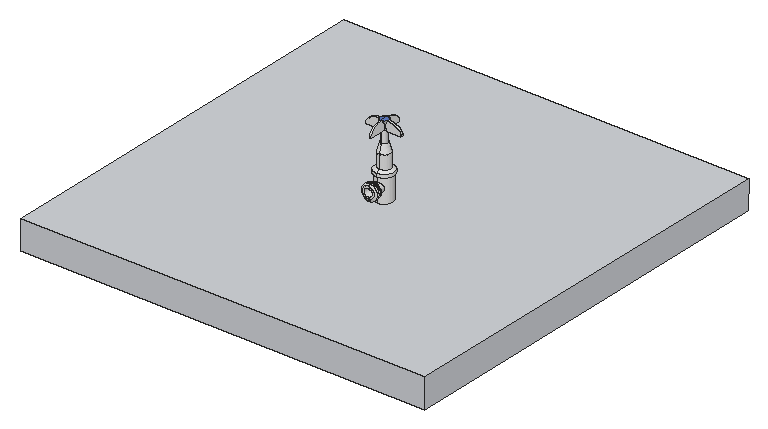
Revit family
Parameters (values of type "49845 (Cold Water, Ceramic Disc)")
  Hot&ColdMaterial = Plastic_Taps_Blue_10800
  URL = "www.galvinengineering.com.au"
  Type Comments = "Vendal Resistant"
  StyleOrType_ANZRS = "Plumbing Fixture"
  Seating = "1/2 Turn Ceramic Disc"
  PlumbingMaterial_ANZRS = Metal_Taps_DR-Brass-with-Chrome-Finish_10800
  Outlet = "15mm BSP"
  ModifiedIssue_ANZRS = 20120629.01  # constant formula
  Model = "49845"
  Manufacturer = "Galvin Engineering"
  Keynote = "15400"
  Instructions = "http://www.galvinengineering.com.au/Installation_Guides_1.aspx"
  Inlet = "15mm BSP"
  FlowRate = 0.15 L/s
  FilterObject_ANZRS = "Vendal Resistant"
  DimTop = 60 mm  # constant formula
  DimOutletRadius = 7.5 mm  # constant formula
  DimInletRadius = 7.5 mm  # constant formula
  DimDepth = 125 mm  # constant formula
  Description = "Vandal Resistant Cistern Tap - Cold Water, Ceramic Disc"
  Default Elevation = 900 mm
  CreatedBy_ANZRS = "Galvin Engineering"  # constant formula
  CreatedByURL_ANZRS = "www.galvinengineering.com.au"
  CreatedByPhoneNo_ANZRS = "61-8-92495900"  # constant formula
  Assembly Code = "D2010"
Types (3, lengths in mm): name | Seating | Model | Description
  (no name) | "1/2 Turn Ceramic Disc" | "49845" | "Vandal Resistant Cistern Tap - Cold Water, Ceramic Disc"
  49953 (Cold Water, Jumper Valve) | "Jumper Valve" | "49953" | "Vandal Resistant Cistern Tap - Cold Water, Jumper Valve"
  49845 (Cold Water, Ceramic Disc) | "1/2 Turn Ceramic Disc" | "49845" | "Vandal Resistant Cistern Tap - Cold Water, Ceramic Disc"
Reference planes
  plane 1 "Center (Front/Back)": y = 0
  plane 2 "Face": z = 0
  plane 3 "Center (Left/Right)": x = 0
  plane 4 "Top1": y = 30
  plane 5: y = -30
  plane 6 "Depth": z = 125
Forms (mm)
  Extrusion 1, solid
    sketch origin (0, -719.2, 0) x (1, 0, 0) y (0, 1, 0)
      loop
        line (-350, 1069.2) -> (-350, 369.2) -> (350, 369.2) -> (350, 1069.2) -> (-350, 1069.2)
    from 0 to -50
  Revolve 2, solid, material "Metal_Taps_DR-Brass-with-Chrome-Finish_10800" <- "PlumbingMaterial_ANZRS"
    sketch origin (0, 28.582, -7.663) x (0, 0.569708, 0.821847) y (0, -0.821847, 0.569708)
      loop
        line (91.853, 98.45) -> (87.633, 104.538)
        arc (87.633, 104.538) -> (86.516, 99.604) -> (83.19, 95.792) r 10.333
        line (83.19, 95.792) -> (76.632, 91.246) -> (75.493, 92.889) -> (59.449, 81.767) -> (58.633, 82.933) -> (44.519, 78.718) -> (25.616, 65.615) -> (18.663, 67.791) -> (14.944, 65.213) -> (16.083, 63.57) -> (-18.246, 39.772) -> (-9.985, 27.856) -> (91.853, 98.45)
      axis (-9.985, 27.856) -> (91.853, 98.45)
    angle from 0 to 360
  Extrusion 3, solid, material "Metal_Taps_DR-Brass-with-Chrome-Finish_10800" <- "PlumbingMaterial_ANZRS"
    sketch origin (0, 28.582, 0.133) x (0, 0.569708, 0.821847) y (0, -0.821847, 0.569708)
      loop
        line (55.27, 108.377) -> (88.313, 60.71)
        arc (88.313, 60.71) -> (88.957, 60.296) -> (89.705, 60.458) r 1
        line (89.705, 60.458) -> (91.349, 61.598)
        spline (91.349, 61.598) -> (92.501, 62.646) -> (93.435, 63.976) -> (94.139, 65.57) -> (94.606, 67.41) -> (94.829, 69.473) -> (94.806, 71.735) -> (94.537, 74.169) -> (94.026, 76.746) -> (93.278, 79.435) -> (92.303, 82.203) -> (91.111, 85.018) -> (89.719, 87.845)
        line (89.719, 87.845) -> (81.173, 100.173)
        spline (81.173, 100.173) -> (79.014, 102.469) -> (76.796, 104.572) -> (74.546, 106.457) -> (72.291, 108.1) -> (70.057, 109.483) -> (67.872, 110.589) -> (65.762, 111.404) -> (63.751, 111.919) -> (61.865, 112.128) -> (60.125, 112.027) -> (58.552, 111.619) -> (57.166, 110.908)
        line (57.166, 110.908) -> (55.522, 109.769)
        arc (55.522, 109.769) -> (55.108, 109.125) -> (55.27, 108.377) r 1
    from -1.5 to 1.5
  Revolve 4, solid, material "Plastic_Taps_Blue_10800" <- "Hot&ColdMaterial"
    sketch origin (0, 28.582, 2.337) x (0, 0.569708, 0.821847) y (0, -0.821847, 0.569708)
      loop
        line (83.634, 92.753) -> (84.527, 93.372)
        spline (84.527, 93.372) -> (84.055, 94.037) -> (83.575, 94.68) -> (83.097, 95.291) -> (82.627, 95.857) -> (82.175, 96.371) -> (81.748, 96.823) -> (81.353, 97.205) -> (80.997, 97.511) -> (80.686, 97.736) -> (80.426, 97.875) -> (80.221, 97.927) -> (80.074, 97.89)
        line (80.074, 97.89) -> (83.634, 92.753)
      axis (83.634, 92.753) -> (84.527, 93.372)
    angle from 0 to 360
  Extrusion 5, solid, material "Metal_Taps_DR-Brass-with-Chrome-Finish_10800" <- "PlumbingMaterial_ANZRS"
    sketch origin (0, 0, 10) x (1, 0, 0) y (0, 0, 1)
      loop
        arc (29, 97.3) -> (29.707, 97.593) -> (30, 98.3) r 1
        line (30, 98.3) -> (30, 100.3)
        spline (30, 100.3) -> (29.794, 101.844) -> (29.234, 103.369) -> (28.325, 104.856) -> (27.079, 106.288) -> (25.51, 107.647) -> (23.638, 108.917) -> (21.485, 110.083) -> (19.076, 111.13) -> (16.44, 112.047) -> (13.609, 112.823) -> (10.617, 113.447) -> (7.5, 113.914)
        line (7.5, 113.914) -> (-7.5, 113.914)
        spline (-7.5, 113.914) -> (-10.617, 113.447) -> (-13.609, 112.823) -> (-16.44, 112.047) -> (-19.076, 111.13) -> (-21.485, 110.083) -> (-23.638, 108.917) -> (-25.51, 107.647) -> (-27.079, 106.288) -> (-28.325, 104.856) -> (-29.234, 103.369) -> (-29.794, 101.844) -> (-30, 100.3)
        line (-30, 100.3) -> (-30, 98.3)
        arc (-30, 98.3) -> (-29.707, 97.593) -> (-29, 97.3) r 1
        line (-29, 97.3) -> (29, 97.3)
    from -1.5 to 1.5
  Revolve 6, solid, material "Metal_Taps_DR-Brass-with-Chrome-Finish_10800" <- "PlumbingMaterial_ANZRS"
    sketch origin (0, -94.089, 146.461) x (0, -0.821847, 0.569708) y (0, -0.569708, -0.821847)
      loop
        line (-151.21, 52.979) -> (-123.431, 72.235) -> (-125.304, 74.936) -> (-128.475, 76.606) -> (-128.083, 73.511) -> (-130.844, 74.965) -> (-130.451, 71.869) -> (-133.212, 73.323) -> (-132.819, 70.227) -> (-134.989, 71.355) -> (-134.073, 70.034)
        arc (-134.073, 70.034) -> (-133.668, 68.164) -> (-134.704, 66.555) r 2.5
        line (-134.704, 66.555) -> (-152.209, 54.421) -> (-151.21, 52.979)
      axis (-147.222, 47.226) -> (-119.443, 66.482)
    angle from 0 to 360
Cuts and joins
  joined: Revolve 2, Revolve 6
Dimensions and locks
  "DimTop": plane 5 to plane 4 "Top1"
  "DimDepth": plane 6 "Depth" to plane 2 "Face"
  aligned and locked: plane 2 "Face" to Extrusion 1
  aligned and locked: level to Extrusion 1
  aligned and locked: plane 1 "Center (Front/Back)" to Revolve 2 sketch curve
  aligned and locked: Revolve 2 sketch curve to plane 1 "Center (Front/Back)"
Automatic sketch dimensions
  Extrusion 1 sketch curve to Extrusion 1 sketch curve = 700 mm  (x2)
  Revolve 2 sketch curve to level = 0 mm
  Revolve 2 sketch curve to Revolve 2 sketch curve = 8.261 mm
  Revolve 2 sketch curve to Revolve 2 sketch curve = 33.19 mm
  Revolve 2 sketch curve to Revolve 2 sketch curve = 1.139 mm  (x2)
  Revolve 2 sketch curve to Revolve 2 sketch curve = 3.719 mm
  Revolve 2 sketch curve to Revolve 2 sketch curve = 6.954 mm
  Revolve 2 sketch curve to Revolve 2 sketch curve = 8.927 mm
  Revolve 2 sketch curve to Revolve 2 sketch curve = 9.976 mm
  Revolve 2 sketch curve to Revolve 2 sketch curve = 14.114 mm
  Revolve 2 sketch curve to Revolve 2 sketch curve = 0.816 mm
  Revolve 2 sketch curve to Revolve 2 sketch curve = 16.044 mm
  Revolve 2 sketch curve to Revolve 2 sketch curve = 1.811 mm
  Revolve 2 sketch curve to Revolve 2 sketch curve = 6.558 mm
  Revolve 2 sketch curve to Revolve 2 sketch curve = 4.443 mm
  Revolve 2 sketch curve to Revolve 2 sketch curve = 4.22 mm
  Revolve 2 sketch curve to Revolve 2 sketch curve = 1.511 mm
  Revolve 2 sketch curve to Revolve 2 sketch curve = 2.176 mm
  Revolve 2 sketch curve to Revolve 2 sketch curve = 19.996 mm
  Revolve 2 sketch curve to Revolve 2 sketch curve = 3.049 mm
  Revolve 2 sketch curve to Revolve 2 sketch curve = 1.166 mm
  Revolve 2 sketch curve to Revolve 2 sketch curve = 9.478 mm
  Extrusion 3 sketch curve to plane 4 "Top1" = 0 mm  (x2)
  plane 5 to Extrusion 3 sketch curve = 1 mm
  Extrusion 3 sketch curve to Extrusion 3 sketch curve = 0.252 mm  (x2)
  Extrusion 3 sketch curve to Extrusion 3 sketch curve = 0.57 mm  (x3)
  Extrusion 3 sketch curve to Extrusion 3 sketch curve = 1.644 mm
  Extrusion 3 sketch curve to Extrusion 3 sketch curve = 18.014 mm
  Extrusion 3 sketch curve to Extrusion 3 sketch curve = 0.168 mm
  Extrusion 3 sketch curve to Extrusion 3 sketch curve = 7.066 mm
  Extrusion 3 sketch curve to Extrusion 3 sketch curve = 14.039 mm
  Extrusion 3 sketch curve to Extrusion 3 sketch curve = 0.822 mm
  Extrusion 3 sketch curve to Extrusion 3 sketch curve = 8.546 mm
  Extrusion 3 sketch curve to Extrusion 3 sketch curve = 1.447 mm
  Extrusion 3 sketch curve to Extrusion 3 sketch curve = 0.094 mm
  Extrusion 3 sketch curve to Extrusion 3 sketch curve = 0.103 mm
  Extrusion 3 sketch curve to Extrusion 3 sketch curve = 0.073 mm
  Extrusion 3 sketch curve to Extrusion 3 sketch curve = 0.221 mm
  Extrusion 3 sketch curve to Extrusion 3 sketch curve = 12.328 mm
  Revolve 4 sketch curve to plane 1 "Center (Front/Back)" = 0 mm  (x4)
  Revolve 4 sketch curve to Revolve 4 sketch curve = 1.28 mm
  Revolve 4 sketch curve to Revolve 4 sketch curve = 4.841 mm
  Revolve 4 sketch curve to Revolve 4 sketch curve = 0.893 mm
  Revolve 4 sketch curve to Revolve 4 sketch curve = 5.529 mm
  level to Extrusion 3 sketch curve = 107.3 mm
  level to Revolve 4 sketch curve = 118.024 mm
  Extrusion 5 sketch curve to plane 6 "Depth" = 14.826 mm
  Extrusion 5 sketch curve to plane 3 "Center (Left/Right)" = 30.001 mm
  Extrusion 5 sketch curve to Extrusion 5 sketch curve = 0.001 mm
  Extrusion 5 sketch curve to Extrusion 5 sketch curve = 0.294 mm
  Extrusion 5 sketch curve to Extrusion 5 sketch curve = 1 mm  (x2)
  Extrusion 5 sketch curve to plane 6 "Depth" = 1.086 mm
  Extrusion 5 sketch curve to plane 3 "Center (Left/Right)" = 7.5 mm
  Extrusion 5 sketch curve to plane 3 "Center (Left/Right)" = 0.148 mm
  plane 3 "Center (Left/Right)" to Extrusion 5 sketch curve = 0.148 mm
  plane 3 "Center (Left/Right)" to Extrusion 5 sketch curve = 7.5 mm
  Extrusion 5 sketch curve to plane 6 "Depth" = 17.7 mm
  Extrusion 5 sketch curve to Extrusion 5 sketch curve = 21.5 mm
  Extrusion 5 sketch curve to Extrusion 5 sketch curve = 0 mm
  Revolve 6 sketch curve to plane 1 "Center (Front/Back)" = 0 mm  (x2)
  level to Revolve 6 sketch curve = 15.021 mm
  Revolve 6 sketch curve to Revolve 6 sketch curve = 1 mm
  Revolve 6 sketch curve to Revolve 6 sketch curve = 16.081 mm
  Revolve 6 sketch curve to Revolve 6 sketch curve = 1.139 mm
  Revolve 6 sketch curve to Revolve 6 sketch curve = 1.424 mm
  Revolve 6 sketch curve to Revolve 6 sketch curve = 0.915 mm
  Revolve 6 sketch curve to Revolve 6 sketch curve = 1.777 mm
  Revolve 6 sketch curve to Revolve 6 sketch curve = 1.254 mm
  Revolve 6 sketch curve to Revolve 6 sketch curve = 3.74 mm
  Revolve 6 sketch curve to Revolve 6 sketch curve = 2.368 mm  (x4)
  Revolve 6 sketch curve to Revolve 6 sketch curve = 1.873 mm
  Revolve 6 sketch curve to Revolve 6 sketch curve = 8.059 mm
  Revolve 6 sketch curve to Revolve 6 sketch curve = 2.055 mm
  Revolve 6 sketch curve to Revolve 6 sketch curve = 0.193 mm
  Revolve 6 sketch curve to Revolve 6 sketch curve = 1.32 mm
  Revolve 6 sketch curve to Revolve 6 sketch curve = 1.642 mm  (x4)
  Revolve 6 sketch curve to Revolve 6 sketch curve = 1.968 mm
  Revolve 6 sketch curve to Revolve 6 sketch curve = 1.426 mm
  Revolve 6 sketch curve to Revolve 6 sketch curve = 10.976 mm
  Revolve 6 sketch curve to Revolve 6 sketch curve = 0.909 mm
Connectors
  piping at (0, -33.8, 23.775), driven by "DimOutletRadius", driven by "FlowRate"
    settings: on cut or joined group of Revolve 2, Revolve 6, index 1, connector radius 0.29528", flow factor 0, pipe flow 0.15 L/s, pressure drop 0.00 psi, fitting loss kfactor 0, connector angle 0.00°, fixture units 0, flow configuration 1, flow direction 2, fitting loss method 4, system type 20, connector reference index -1, connector utility 0, adjustable connector no, is connector primary yes, fitting loss table "", connector description "Outlet"
  piping at (0, 0, 0), driven by "DimInletRadius", driven by "FlowRate"
    settings: on cut or joined group of Revolve 2, Revolve 6, index 2, connector radius 0.29528", flow factor 0, pipe flow 0.15 L/s, pressure drop 0.00 psi, fitting loss kfactor 0, connector angle 0.00°, fixture units 0, flow configuration 1, flow direction 1, fitting loss method 0, system type 20, connector reference index -1, connector utility 0, adjustable connector no, is connector primary no, fitting loss table "", connector description "Inlet"
